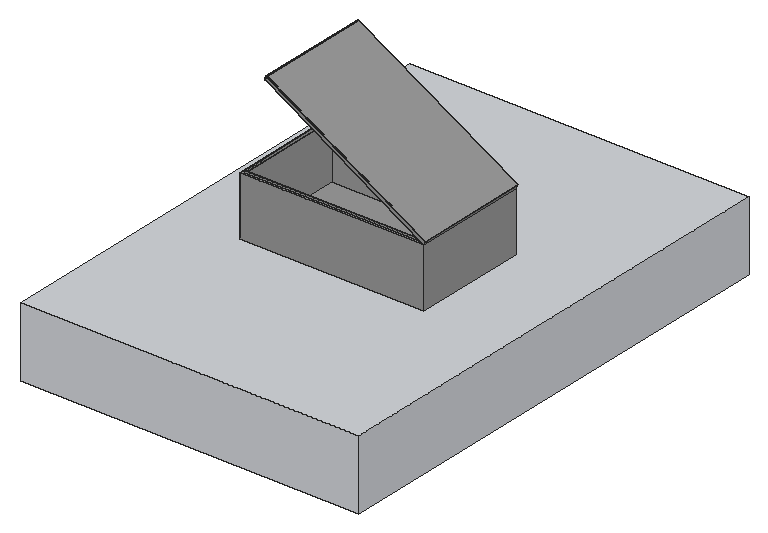
Revit family "Hager-Univers-IP55-D275-H500-Cl.II-Steel_encl-NL-en", category Equipement électrique, Revit 2020
Family settings
  Hôte = Face
  Configuration du panneau = Deux colonnes, circuits au sein
  Cote de connecteur circulaire = Utiliser le diamètre
  Type d'élément = Tableau de raccordement
  Couper avec des vides une fois chargée = Non
  Partagée = Non
  Point de calcul de pièce = Non
Parameters (values of type "Surface mounted (plaster) IP55 W800 H500 D275  - FR33S")
  Width Control [instance] = if([EF000008 - Width] > Min Width, [EF000008 - Width], Min Width)  # 800 mm
  Commentaires du type = [HG000003 - Range]  # "Univers"
  Thickness Door [instance] = if([EF009171 - Material plate thickness door/cover] > 3 mm, 3 mm, [EF009171 - Material plate thickness door/cover])  # 1.5 mm
  Seal Frame Offset [instance] = 17 mm  # constant formula
  Plinth Visibility [instance] = [HG000027 - Plinth height] > 0 mm  # no
  Model = ""
  Min Width [instance] = 100 mm  # constant formula
  Min Height [instance] = 100 mm  # constant formula
  Min Depth [instance] = (2 * [EF009170 - Material plate thickness cabinet]) + 1 mm  # 4 mm
  Internal Frame Depth [instance] = (Door System Depth * 0.5)  # 9 mm
  Height Control [instance] = if([EF000040 - Height] > Min Height, [EF000040 - Height], Min Height)  # 500 mm
  HG000027 - Plinth height = 0 mm
  HG000026 - Floor standing = no
  HG000024 - Bottom section height = 800 mm
  HG000023 - Double section enclosure = no
  HG000016 - Door 3d visibility [instance] = yes
  HG000015 - Clearance visibility [instance] = no
  HG000014 - Door on the right [instance] = yes
  HG000013 - Door on the left [instance] = not([HG000014 - Door on the right])  # no
  HG000012 - Door swing angle [instance] = 30.00°
  HG000010 - Asymmetric doors = no
  HG000009 - Double swing door = no
  HG000006 - Flush mounted = no
  HG000004 - Manufacturer reference = "FR33S"
  HG000003 - Range = "Univers"
  HG000002 - With door or cover = yes
  Frame Offset Bottom [instance] = 10 mm  # constant formula
  Frame Offset [instance] = 15 mm  # constant formula
  EF015940 - Cover with overpressure release = no
  EF011959 - Degree of protection (NEMA) = ""
  EF009554 - Number of openings for flange plates = 6
  EF009212 - Cover model = "EV000116 - Closed"
  EF009171 - Material plate thickness door/cover = 1.5 mm
  EF009170 - Material plate thickness cabinet = 1.5 mm
  Fabricant = "Hager"  # constant formula
  EF008873 - Nominal current (In) = 800 A
  EF007800 - Suitable for lightning protection = no
  EF006306 - With lock = no
  EF006244 - Transparent cover/door = no
  EF005474 - Degree of protection (IP) = "EV006420 - IP55"
  EF004464 - Type of door = "EV002646 - Single"
  EF004427 - Number of modules = 108
  EF004293 - Impact strength = "EV008784 - IK10"
  EF003532 - Suitable for outdoor use = no
  EF002950 - Width in number of modular spacings = 24
  EF001613 - Circuit integrity = "EV000494 - None"
  EF001596 - Material housing = "EV000179 - Steel"
  EF001131 - Internal depth = 275 mm
  EF001088 - Extension possible = yes
  EF000437 - Number of conduit inlets = 6
  EF000339 - Type of cover = "EV004216 - Door"
  EF000266 - Number of rows = 3
  EF000218 - Built-in depth = 0 mm
  EF000118 - With mounting plate = no
  EF000116 - RAL-number = "7035"
  EF000049 - Depth = 275 mm
  EF000040 - Height = 500 mm
  EF000008 - Width = 800 mm
  EF000007 - Colour = "EV000270 - Grey"
  EF000003 - Mounting method = "EV000384 - Surface mounted (plaster)"
  Door System Leaf Tolerance [instance] = 1.5 mm  # constant formula
  Door System Depth [instance] = 18 mm  # constant formula
  Door Height [instance] = Height Control - [HG000027 - Plinth height]  # 500 mm
  Depth Control [instance] = if([EF000049 - Depth] > Min Depth, [EF000049 - Depth], Min Depth)  # 275 mm
  Default Elevation = 0 mm
  Connector Offset [instance] = Height Control / 2  # 250 mm
  Bottom Top Plate Trim [instance] = 1.5 mm  # constant formula
  Plinth height Ctrl [instance] = if([HG000027 - Plinth height] > 0 mm, [HG000027 - Plinth height], 12 mm)  # 12 mm
Types (5, lengths in mm): name | Width Control | HG000010 - Asymmetric doors | HG000009 - Double swing door | HG000004 - Manufacturer reference | EF009554 - Number of openings for flange plates | EF004464 - Type of door | EF004427 - Number of modules | EF000437 - Number of conduit inlets | EF000008 - Width
  Surface mounted (plaster) IP55 W1050 H500 D275  - FR34S | 1050 | no | yes | "FR34S" | 8 | "EV003602 - Double" | 144 | 8 | 1050
  Surface mounted (plaster) IP55 W1300 H500 D275  - FR35S | 1300 | yes | yes | "FR35S" | 10 | "EV003602 - Double" | 180 | 10 | 1300
  Surface mounted (plaster) IP55 W300 H500 D275  - FR31S | 300 | no | no | "FR31S" | 2 | "EV002646 - Single" | 36 | 2 | 300
  Surface mounted (plaster) IP55 W550 H500 D275  - FR32S | 550 | no | no | "FR32S" | 4 | "EV002646 - Single" | 72 | 4 | 550
  Surface mounted (plaster) IP55 W800 H500 D275  - FR33S | 800 | no | no | "FR33S" | 6 | "EV002646 - Single" | 108 | 6 | 800
Reference planes
  plane 1 "Center (Front/Back)": y = 0
  plane 2: z = 0
  plane 3 "Center (Left/Right)": x = 0
  plane 4: z = 275
  plane 5: y = 1.5
  plane 6: y = 250
  plane 7: y = 0
  plane 8: y = 500
  plane 9: z = 0
  plane 10: x = -385
  plane 11: x = 385
  plane 12: x = 383.5
  plane 13: x = -383.5
  plane 14: y = 498.5
  plane 15: x = -383
  plane 16: x = -400
  plane 17: x = 383
  plane 18: x = 400
  plane 19: x = 398.5
  plane 20: x = -398.5
  plane 21: y = 11.5
  plane 22: y = 500
  plane 23: y = 483.5
  plane 24: z = 257
  plane 25: z = 1.5
  plane 26: z = 255.5
  plane 27: z = 273.5
Forms (mm)
  Extrusion 1, solid
    sketch origin (0, 0, 0) x (1, 0, 0) y (0, 1, 0)
      loop
        line (-702.964, 1305) -> (-702.964, -811.445) -> (766.763, -811.445) -> (766.763, 1305) -> (-702.964, 1305)
    from 0 to -304.8
  Extrusion 2, solid, material "Hager_Steel_RAL7035_Light_Grey", visible <- "Plinth Visibility", detail levels medium+fine
    sketch origin (0, 0, 0) x (1, 0, 0) y (0, 1, 0)
      loop
        line (-400, 0) -> (400, 0) -> (400, 12) -> (-400, 12) -> (-400, 0)
    from 0 to 257
  Extrusion 3, solid, material "Hager_Steel_RAL7035_Light_Grey", detail levels medium+fine
    sketch origin (0, 0, 0) x (1, 0, 0) y (0, 1, 0)
      loop
        line (-400, 0) -> (400, 0) -> (400, 500) -> (-400, 500) -> (-400, 0)
    from 0 to 257
  Extrusion 4, void
    sketch origin (0, 0, 0) x (1, 0, 0) y (0, 1, 0)
      loop
        line (-398.5, 1.5) -> (398.5, 1.5) -> (398.5, 498.5) -> (-398.5, 498.5) -> (-398.5, 1.5)
    from 1.5 to 255.5
  Extrusion 5, void
    sketch origin (-381.607, -4572, 257) x (0, -1, 0) y (-1, 0, 0)
      loop
        line (-4583.5, 1.893) -> (-5055.5, 1.893) -> (-5055.5, -765.107) -> (-4583.5, -765.107) -> (-4583.5, 1.893)
    from 0 to 1.5 <- "EF009170 - Material plate thickness cabinet"
  Extrusion 6, solid, material "Hager_Steel_RAL7035_Light_Grey", detail levels fine
    sketch origin (0, 0, 257) x (1, 0, 0) y (0, 1, 0)
      loop
        line (-383.5, 483.5) -> (-383.5, 11.5) -> (383.5, 11.5) -> (383.5, 483.5) -> (-383.5, 483.5)
      loop
        line (-385, 10) -> (385, 10) -> (385, 485) -> (-385, 485) -> (-385, 10)
    from 0 to 9 <- "Internal Frame Depth"
  Extrusion 7, solid, material "Hager_Steel_RAL7035_Light_Grey", detail levels coarse
    sketch origin (0, 0, 0) x (1, 0, 0) y (0, 1, 0)
      loop
        line (-400, 0) -> (400, 0) -> (400, 500) -> (-400, 500) -> (-400, 0)
    from 0 to 275
  Sweep 8, void
    path in 3D
      loop
        line (-400, 12, 0) -> (400, 12, 0) -> (400, 12, 257) -> (-400, 12, 257) -> (-400, 12, 0)
    profile origin (-400, 12, 128.5) x (-1, 0, 0) y (0, -1, 0)
      loop
        line (0, 0) -> (0, 1.5) -> (-1.5, 1.5)
        arc (-1.5, 1.5) -> (-1.061, 0.439) -> (0, 0) r 1.5
Cuts and joins
  Extrusion 4, Extrusion 5 cuts Extrusion 3
  Sweep 8 cuts Extrusion 2
Lines and regions (mm)
  Masking region 1
    outline origin (0, 0, 0) x (1, 0, 0) y (0, 0, 1)
      loop
        line (-400, 275) -> (-400, 0) -> (400, 0) -> (400, 275) -> (-400, 275)
  Masking region 2, detail levels medium+fine
    outline origin (0, 140, 0) x (0, 1, 0) y (0, 0, 1)
      loop
        line (-140, 0) -> (360, 0) -> (360, 257) -> (-140, 257) -> (-140, 0)
  Masking region 3, not visible, detail levels medium+fine
    outline origin (0, 297.922, 0) x (0, 1, 0) y (0, 0, 1)
      loop
        line (-36.422, 0) -> (3.578, 0) -> (3.578, 263.5)
        arc (3.578, 263.5) -> (0.649, 270.571) -> (-6.422, 273.5) r 10
        line (-6.422, 273.5) -> (-36.422, 273.5) -> (-36.422, 0)
  Masking region 4, detail levels coarse
    outline origin (0, 0, 180) x (0, 1, 0) y (0, 0, 1)
      loop
        line (0, -180) -> (500, -180) -> (500, 95) -> (0, 95) -> (0, -180)
  Masking region 5, visible <- "Plinth Visibility", detail levels medium+fine
    outline origin (0, 52.24, 12.345) x (0, 0, -1) y (0, 1, 0)
      loop
        line (10.845, -40.24) -> (-243.155, -40.24)
        arc (-243.155, -40.24) -> (-243.594, -41.301) -> (-244.655, -41.74) r 1.5
        line (-244.655, -41.74) -> (-244.655, -52.24) -> (12.345, -52.24) -> (12.345, -41.74)
        arc (12.345, -41.74) -> (11.285, -41.301) -> (10.845, -40.24) r 1.5
  Masking region 6, detail levels medium+fine
    outline origin (-381.607, -4572, 257) x (-1, 0, 0) y (0, -1, 0)
      loop
        line (18.393, -5072) -> (18.393, -4572) -> (-781.607, -4572) -> (-781.607, -5072) -> (18.393, -5072)
  Masking region 7, visible <- "Plinth Visibility", detail levels medium+fine
    outline origin (-381.607, -4727, 257) x (-1, 0, 0) y (0, -1, 0)
      loop
        arc (16.893, -4739) -> (17.332, -4737.939) -> (18.393, -4737.5) r 1.5
        line (18.393, -4737.5) -> (18.393, -4727) -> (-781.607, -4727) -> (-781.607, -4737.5)
        arc (-781.607, -4737.5) -> (-780.546, -4737.939) -> (-780.107, -4739) r 1.5
        line (-780.107, -4739) -> (16.893, -4739)
  Masking region 8, detail levels coarse
    outline origin (-442.548, -4669.526, 257) x (-1, 0, 0) y (0, -1, 0)
      loop
        line (-42.548, -5169.526) -> (-42.548, -4669.526) -> (-842.548, -4669.526) -> (-842.548, -5169.526) -> (-42.548, -5169.526)
  sketch lines
    curve 1: line (-400, 12, 257) -> (-400, 12, 0)
    curve 2: line (400, 12, 257) -> (-400, 12, 257)
    curve 3: line (400, 12, 257) -> (400, 12, 0)
    curve 4: line (-400, 12, 0) -> (400, 12, 0)
Dimensions and locks
  "Depth Control": plane 4 to Extrusion 1
  "HG000027 - Plinth height": plane 1 "Center (Front/Back)" to plane 7
  "EF009170 - Material plate thickness cabinet": plane 5 to plane 7
  locked: connector elem to plane 3 "Center (Left/Right)"
  equal spacing: plane 8, plane 6, plane 7
  locked: connector elem to plane 6
  "EF009170 - Material plate thickness cabinet": plane 8 to plane 14
  "EF009170 - Material plate thickness cabinet": plane 10 to plane 13
  "EF009170 - Material plate thickness cabinet": plane 12 to plane 11
  "Frame Offset": plane 20 to plane 13
  "Frame Offset": plane 12 to plane 19
  "EF009170 - Material plate thickness cabinet": plane 16 to plane 20
  "EF009170 - Material plate thickness cabinet": plane 19 to plane 18
  "Seal Frame Offset": plane 16 to plane 15
  "Seal Frame Offset": plane 17 to plane 18
  "Frame Offset Bottom": plane 21 to plane 5
  "Frame Offset": plane 14 to plane 23
  equal spacing: plane 16, plane 3 "Center (Left/Right)", plane 18
  "Width Control": plane 16 to plane 18
  "EF009170 - Material plate thickness cabinet": plane 4 to plane 27
  "EF009170 - Material plate thickness cabinet": plane 24 to plane 26
  "EF009170 - Material plate thickness cabinet": plane 25 to level
  "Door System Depth": plane 4 to plane 24
  "Height Control": plane 1 "Center (Front/Back)" to Extrusion 7 sketch curve
  "Height Control": Masking region 4 sketch curve to plane 1 "Center (Front/Back)"
  "Height Control": plane 1 "Center (Front/Back)" to plane 22
  "Bottom Top Plate Trim": profile plane to Sweep 8 sketch curve
  "Bottom Top Plate Trim": Sweep 8 sketch curve to profile plane
  "Plinth height Ctrl": plane 1 "Center (Front/Back)" to Extrusion 2 sketch curve
  "Plinth height Ctrl": Masking region 5 sketch curve to plane 1 "Center (Front/Back)"
  "Plinth height Ctrl": plane 1 "Center (Front/Back)" to Masking region 7 sketch curve
  "Thickness Door": Extrusion 6 sketch curve to Extrusion 6 sketch curve  (x3)
  "Thickness Door": cut or joined group of Extrusion 3, Extrusion 4, Extrusion 5 to Extrusion 6 sketch curve
  radius of Masking region 3 sketch curve = 10 mm
  "Bottom Top Plate Trim": radius of Masking region 5 sketch curve  (x2)
  "Bottom Top Plate Trim": radius of Sweep 8 sketch curve
  "Bottom Top Plate Trim": radius of Masking region 7 sketch curve  (x2)
  aligned and locked: plane 2 to Extrusion 1
  aligned and locked: level to Extrusion 1
  aligned and locked: level to Masking region 1 sketch curve
  aligned and locked: Masking region 1 sketch curve to plane 18
  aligned and locked: Masking region 1 sketch curve to plane 16
  aligned and locked: plane 7 to Masking region 2 sketch curve
  aligned and locked: level to Masking region 3 sketch curve
  aligned and locked: Masking region 3 sketch curve to plane 27
  aligned and locked: level to Masking region 2 sketch curve
  aligned and locked: plane 1 "Center (Front/Back)" to Extrusion 2 sketch curve
  aligned and locked: Extrusion 3 sketch curve to plane 7
  aligned and locked: plane 16 to Extrusion 3 sketch curve
  aligned and locked: plane 18 to Extrusion 3 sketch curve
  aligned and locked: plane 20 to Extrusion 4 sketch curve
  aligned and locked: plane 19 to Extrusion 4 sketch curve
  aligned and locked: Extrusion 4 sketch curve to plane 5
  aligned and locked: Extrusion 4 to plane 25
  aligned and locked: plane 26 to Extrusion 4
  aligned and locked: plane 24 to Extrusion 3
  aligned and locked: Extrusion 5 sketch curve to plane 21
  aligned and locked: Extrusion 5 sketch curve to plane 13
  aligned and locked: Extrusion 5 sketch curve to plane 12
  aligned and locked: plane 18 to Extrusion 7 sketch curve
  aligned and locked: plane 1 "Center (Front/Back)" to Extrusion 7 sketch curve
  aligned and locked: plane 16 to Extrusion 7 sketch curve
  aligned and locked: plane 4 to Extrusion 7
  aligned and locked: Extrusion 7 to level
  aligned and locked: level to Masking region 4 sketch curve
  aligned and locked: Masking region 4 sketch curve to plane 1 "Center (Front/Back)"
  aligned and locked: Masking region 4 sketch curve to plane 4
  aligned and locked: nested 1 to level
  aligned and locked: nested 1 to plane 16
  aligned and locked: plane 8 to Extrusion 3 sketch curve
  aligned and locked: plane 23 to Extrusion 5 sketch curve
  aligned and locked: plane 14 to Extrusion 4 sketch curve
  aligned and locked: Masking region 2 sketch curve to plane 8
  aligned and locked: level to Masking region 5 sketch curve
  aligned and locked: plane 16 to Extrusion 2 sketch curve
  aligned and locked: plane 18 to Extrusion 2 sketch curve
  aligned and locked: Masking region 5 sketch curve to plane 24
  aligned and locked: Masking region 2 sketch curve to plane 24
  aligned and locked: plane 24 to Extrusion 2
  aligned and locked: profile plane to Sweep 8 sketch curve  (x2)
  aligned and locked: Masking region 6 sketch curve to plane 18
  aligned and locked: Masking region 6 sketch curve to plane 22
  aligned and locked: Masking region 6 sketch curve to plane 16
  aligned and locked: plane 8 to plane 22
  aligned and locked: Masking region 6 sketch curve to plane 7
  aligned and locked: Masking region 7 sketch curve to plane 16
  aligned and locked: Masking region 7 sketch curve to plane 1 "Center (Front/Back)"
  aligned and locked: Masking region 7 sketch curve to plane 18
  aligned and locked: Masking region 8 sketch curve to plane 1 "Center (Front/Back)"
  aligned and locked: Masking region 8 sketch curve to plane 18
  aligned and locked: Masking region 8 sketch curve to plane 22
  aligned and locked: Masking region 8 sketch curve to plane 16
  aligned and locked: nested 2 to plane 7
  aligned and locked: plane 3 "Center (Left/Right)" to nested 2
  aligned and locked: nested 2 to plane 24
  aligned and locked: Extrusion 6 sketch curve to cut or joined group of Extrusion 3, Extrusion 4, Extrusion 5  (x4)
Automatic sketch dimensions
  Extrusion 1 sketch curve to Extrusion 1 sketch curve = 1469.727 mm
  Extrusion 1 sketch curve to Extrusion 1 sketch curve = 2116.445 mm
  Masking region 1 sketch curve to plane 4 = 0 mm
  plane 6 to Masking region 3 sketch curve = 11.5 mm
  Masking region 3 sketch curve to Masking region 3 sketch curve = 30 mm
  Masking region 5 sketch curve to plane 1 "Center (Front/Back)" = 0 mm
Nested families
  nested 1: "Hager_Enclosure_Symbol" at (-400, 0, 0) x (1, 0, 0) z (0, -1, 0), Height <- "Depth Control", Width <- "Width Control", type "Hager_Enclosure_Symbol"
    with Width_Ctrl 800 mm, Width 800 mm, Height_Ctrl 275 mm, Height 275 mm, A_Width_Int 18.047 mm, A_Width 216.562 mm, A_Height_Ctrl 240.625 mm, A_Height 240.625 mm
  nested 2: "EC000058_Univers_Door" at (0, 0, 257) x (1, 0, 0) z (0, 1, 0), Leaf_Tolerance <- "Door System Leaf Tolerance", Angle <- "HG000012 - Door swing angle", Door_Depth <- "Door System Depth", Door_Left <- "HG000013 - Door on the left", Transparent <- "EF006244 - Transparent cover/door", Assymetrical <- "HG000010 - Asymmetric doors", Width <- "Width Control", Clearance <- "HG000015 - Clearance visibility", Double <- "HG000009 - Double swing door", 3d_Door <- "HG000016 - Door 3d visibility", Lock_Visibility <- "EF006306 - With lock", Width_Ctrl <- "Width Control", Door_Right <- "HG000014 - Door on the right", Door <- "HG000002 - With door or cover", Height <- "Door Height", Thickness <- "Thickness Door", type "EC000058_Univers_Door", detail levels medium+fine
    with min_wh 4 mm, Width_Ctrl 800 mm, Width 800 mm, Transparent no, Thickness 1.5 mm, Seal_Material Hager_Rubber, Lock_Visibility no, Lock_Material Hager_Plastic_RAL9005_Jet_Black, Leaf_Width 800 mm, Leaf_Tolerance_External_Sides 0 mm, Leaf_Tolerance 1.5 mm, Leaf_Offset 0 mm, Leaf_Height 497 mm, Leaf_2_Width 800 mm, Leaf_2_Offset 400 mm, Leaf_1_Width 800 mm, Leaf_1_Offset 400 mm, Height_Ctrl 500 mm, Height 500 mm, Glass_Material Hager_Glass, Double_Clearance_Ctrl no, Double no, Door_Right_Ctrl yes, Door_Right yes, Door_Material Hager_Steel_RAL7035_Light_Grey, Door_Left_Ctrl no, Door_Left no, Door_Depth 18 mm, Door yes, Clearance_Material Hager_Clearance, Clearance_Depth 800 mm, Clearance_Ctrl no, Clearance no, Assymetrical no, Angle 30.00°, 3d_Door yes
Connectors
  electrical at (0, 250, 0)
    settings: on plane 9, index 1, voltage 0 V, apparent load 0 VA, apparent load phase1 0 VA, apparent load phase2 0 VA, apparent load phase3 0 VA, power factor 1, load classification "Other", number of poles 1, system type 30, power factor state 1, is connector primary yes, connector utility no, sub classification motor no, connector description ""
Definition of nested family "EC000058_Univers_Door"
  Parameters (values of type "EC000058_Univers_Door")
    min_wh [instance] = (2 * Thickness) + 1 mm  # 11 mm
    Width_Ctrl [instance] = 400 mm
    Width [instance] = 500 mm
    Transparent [instance] = yes
    Thickness [instance] = 5 mm
    Seal_Material [instance] = none
    Lock_Visibility [instance] = yes
    Lock_Material [instance] = none
    Leaf_Width [instance] = if((Width_Ctrl - 2 * Leaf_Tolerance_External_Sides) > 0 mm, (Width_Ctrl - 2 * Leaf_Tolerance_External_Sides), min_wh)  # 400 mm
    Leaf_Tolerance_External_Sides [instance] = 0 mm  # constant formula
    Leaf_Tolerance [instance] = 1.5 mm
    Leaf_Offset [instance] = 0 mm  # constant formula
    Leaf_Height [instance] = if((Height_Ctrl - 2 * Leaf_Tolerance) > 0 mm, (Height_Ctrl - 2 * Leaf_Tolerance), min_wh)  # 497 mm
    Leaf_2_Width [instance] = if(and(and(Double, Assymetrical), Door_Left), (Leaf_Width / 3) - (Leaf_Tolerance / 2), if(and(and(Double, Assymetrical), Door_Right), (Leaf_Width / 3) * 2 - (Leaf_Tolerance / 2), if(and(Double, not(Assymetrical)), (Leaf_Width / 2) - Leaf_Tolerance, Leaf_Width)))  # 400 mm
    Leaf_2_Offset [instance] = if(and(Double, Assymetrical), Leaf_2_Width / 2, if(and(Double, not(Assymetrical)), Leaf_Width / 4, Leaf_Width / 2))  # 200 mm
    Leaf_1_Width [instance] = if(and(and(Double, Assymetrical), Door_Right), (Leaf_Width / 3) - (Leaf_Tolerance / 2), if(and(and(Double, Assymetrical), Door_Left), (Width / 3) * 2 - (Leaf_Tolerance / 2), if(and(Double, not(Assymetrical)), (Leaf_Width / 2) - Leaf_Tolerance, Leaf_Width)))  # 400 mm
    Leaf_1_Offset [instance] = if(and(Double, Assymetrical), Leaf_1_Width / 2, if(and(Double, not(Assymetrical)), Leaf_Width / 4, Leaf_Width / 2))  # 200 mm
    Height_Ctrl [instance] = if(Height > min_wh, Height, min_wh)  # 500 mm
    Height [instance] = 500 mm
    Glass_Material [instance] = none
    Double_Clearance_Ctrl [instance] = and(Double, Clearance)  # no
    Double [instance] = no
    Door_Right_Ctrl [instance] = and(or(Door_Right, Double), Door)  # yes
    Door_Right [instance] = yes
    Door_Material [instance] = none
    Door_Left_Ctrl [instance] = and(or(Door_Left, Double), Door)  # no
    Door_Left [instance] = no
    Door_Depth [instance] = 30 mm
    Door [instance] = yes
    Default Elevation = 1219.2 mm
    Clearance_Material [instance] = none
    Clearance_Depth [instance] = if(Leaf_1_Width > Leaf_2_Width, Leaf_1_Width, Leaf_2_Width)  # 400 mm
    Clearance_Ctrl [instance] = and(not(Double), Clearance)  # yes
    Clearance [instance] = yes
    Assymetrical [instance] = yes
    Angle [instance] = 30.00°
    3d_Door [instance] = yes
  Reference planes
    plane 1 "Center (Front/Back)": y = 0
    plane 2 "Bottom": z = 0
    plane 3 "Center (Left/Right)": x = 0
    plane 4: z = 500
    plane 5: x = -200
    plane 6: x = 200
    plane 7: z = 500
    plane 8: x = -200
    plane 9: z = 0
    plane 10: x = 200
    plane 11: y = 0
    plane 12: z = 1.5
    plane 13: x = -600
    plane 14: y = -400
    plane 15: x = 600
    plane 16: x = 0
    plane 17: x = 0
    plane 18: x = -200
    plane 19: x = 200
    plane 20: z = 498.5
  Forms (mm)
    Extrusion 1, solid, material <- "Clearance_Material", visible <- "Double_Clearance_Ctrl"
      sketch origin (1200, 0, 0) x (1, 0, 0) y (0, 0, -1)
        loop
          line (-1800, -498.5) -> (-600, -498.5) -> (-600, 0) -> (-1800, 0) -> (-1800, -498.5)
      from 0 to -400
  Dimensions and locks
    equal spacing: plane 5, plane 3 "Center (Left/Right)", plane 6
    "Width_Ctrl": plane 5 to plane 6
    "Leaf_Offset": plane 5 to plane 8
    "Leaf_Offset": plane 6 to plane 10
    "Leaf_Offset": plane 9 to level
    "Leaf_Offset": plane 4 to plane 7
    "Height_Ctrl": plane 4 to level
    "Leaf_Tolerance": plane 12 to plane 9
    locked: plane 11 to plane 1 "Center (Front/Back)"
    "Leaf_1_Offset": plane 18 to plane 16
    "Leaf_2_Offset": plane 17 to plane 19
    "Leaf_1_Width": plane 13 to plane 8
    "Leaf_2_Width": plane 10 to plane 15
    "Clearance_Depth": plane 14 to plane 1 "Center (Front/Back)"
    "Leaf_Tolerance_External_Sides": plane 8 to plane 18
    "Leaf_Tolerance_External_Sides": plane 19 to plane 10
    "Leaf_Tolerance": plane 7 to plane 20
    aligned and locked: level to plane 2 "Bottom"
    aligned and locked: nested 1 to plane 16
    aligned and locked: nested 2 to plane 17
    aligned and locked: Extrusion 1 to plane 13
    aligned and locked: plane 15 to Extrusion 1
    aligned and locked: Extrusion 1 to plane 14
    aligned and locked: plane 12 to nested 1
    aligned and locked: nested 2 to plane 12
    aligned and locked: Extrusion 1 to plane 11
    aligned and locked: plane 20 to Extrusion 1
    aligned and locked: nested 2 to plane 11
    aligned and locked: nested 1 to plane 11
  Automatic sketch dimensions
    Extrusion 1 sketch curve to level = 0 mm
    plane 5 to Extrusion 1 sketch curve = 400 mm
    plane 6 to Extrusion 1 sketch curve = 400 mm
    Extrusion 1 sketch curve to plane 4 = 1.5 mm
  Nested families
    nested 1: "EC000058_Univers_Door_Leaf" at (0, 0, 1.5), Width <- "Leaf_1_Width", visible <- "Door_Left_Ctrl", Leaf_Height <- "Leaf_Height", Angle <- "Angle", 3d_Door <- "3d_Door", Transparent <- "Transparent", Clearance Material <- "Clearance_Material", Clearance <- "Clearance_Ctrl", Door_Material <- "Door_Material", Glass_Material <- "Glass_Material", Door_Depth <- "Door_Depth", Lock_Material <- "Lock_Material", Seal_Material <- "Seal_Material", Lock_Visibility <- "Lock_Visibility", Thickness <- "Thickness", type "EC000058_Univers_Door_Leaf"
      with Width 400 mm, Transparent_Glass_Offset 30 mm, Transparent_Ctrl yes, Transparent yes, Thickness 5 mm, Standard no, Seal_Material none, Seal_D2 8 mm, Seal_D1 1 mm, Offset_Internal_Frame 10 mm, Lock_Width 20 mm, Lock_Visibility_3d yes, Lock_Visibility yes, Lock_Thickness_3 3 mm, Lock_Thickness_2 1 mm, Lock_Thickness_1 3 mm, Lock_Radius_Offset_2 16 mm, Lock_Radius_Offset_1 15 mm, Lock_Radius_2 5 mm, Lock_Radius 6 mm, Lock_Offset 5 mm, Lock_Material none, Lock_Height 80 mm, Lock_Cover_Top_Offset_2d 17 mm, Lock_Cover_Height -65 mm, Leaf_Height 497 mm, Internal_Seal_Thickness 8 mm, Internal_Seal_Depth_2 4.5 mm, Internal_Frame_Depth 25 mm, Glass_Thickness -1 mm, Glass_Offset -2 mm, Glass_Material none, Door_Material none, Door_Depth 30 mm, Clearance Material none, Clearance yes, Angle_Ctrl 30.00°, Angle 30.00°, 3d_Door yes
    nested 2: "EC000058_Univers_Door_Leaf" at (0, 0, 1.5) x (-1, 0, 0) z (0, 0, 1), Width <- "Leaf_2_Width", visible <- "Door_Right_Ctrl", Leaf_Height <- "Leaf_Height", Angle <- "Angle", 3d_Door <- "3d_Door", Transparent <- "Transparent", Clearance Material <- "Clearance_Material", Clearance <- "Clearance_Ctrl", Door_Material <- "Door_Material", Glass_Material <- "Glass_Material", Door_Depth <- "Door_Depth", Lock_Material <- "Lock_Material", Seal_Material <- "Seal_Material", Lock_Visibility <- "Lock_Visibility", Thickness <- "Thickness", type "EC000058_Univers_Door_Leaf"
      with Width 400 mm, Transparent_Glass_Offset 30 mm, Transparent_Ctrl yes, Transparent yes, Thickness 5 mm, Standard no, Seal_Material none, Seal_D2 8 mm, Seal_D1 1 mm, Offset_Internal_Frame 10 mm, Lock_Width 20 mm, Lock_Visibility_3d yes, Lock_Visibility yes, Lock_Thickness_3 3 mm, Lock_Thickness_2 1 mm, Lock_Thickness_1 3 mm, Lock_Radius_Offset_2 16 mm, Lock_Radius_Offset_1 15 mm, Lock_Radius_2 5 mm, Lock_Radius 6 mm, Lock_Offset 5 mm, Lock_Material none, Lock_Height 80 mm, Lock_Cover_Top_Offset_2d 17 mm, Lock_Cover_Height -65 mm, Leaf_Height 497 mm, Internal_Seal_Thickness 8 mm, Internal_Seal_Depth_2 4.5 mm, Internal_Frame_Depth 25 mm, Glass_Thickness -1 mm, Glass_Offset -2 mm, Glass_Material none, Door_Material none, Door_Depth 30 mm, Clearance Material none, Clearance yes, Angle_Ctrl 30.00°, Angle 30.00°, 3d_Door yes
  Definition of nested family "EC000058_Univers_Door_Leaf"
    Parameters (values of type "EC000058_Univers_Door_Leaf")
      Width [instance] = 2000 mm
      Transparent_Glass_Offset [instance] = 30 mm
      Transparent_Ctrl [instance] = and(Transparent, [3d_Door])  # yes
      Transparent [instance] = yes
      Thickness [instance] = 5 mm
      Standard [instance] = and(not(Transparent), [3d_Door])  # no
      Seal_Material [instance] = none
      Seal_D2 [instance] = 8 mm  # constant formula
      Seal_D1 [instance] = 1 mm  # constant formula
      Offset_Internal_Frame [instance] = 10 mm  # constant formula
      Lock_Width [instance] = 20 mm  # constant formula
      Lock_Visibility_3d [instance] = and(Lock_Visibility, [3d_Door])  # yes
      Lock_Visibility [instance] = yes
      Lock_Thickness_3 [instance] = 3 mm  # constant formula
      Lock_Thickness_2 [instance] = 1 mm  # constant formula
      Lock_Thickness_1 [instance] = 3 mm  # constant formula
      Lock_Radius_Offset_2 [instance] = Lock_Radius_Offset_1 + 1 mm  # 16 mm
      Lock_Radius_Offset_1 [instance] = 15 mm  # constant formula
      Lock_Radius_2 [instance] = Lock_Radius - 1 mm  # 5 mm
      Lock_Radius [instance] = 6 mm  # constant formula
      Lock_Offset [instance] = 5 mm  # constant formula
      Lock_Material [instance] = none
      Lock_Height [instance] = 80 mm  # constant formula
      Lock_Cover_Top_Offset_2d [instance] = Lock_Radius_Offset_2 + 1 mm  # 17 mm
      Lock_Cover_Height [instance] = -(Lock_Height - Lock_Radius_Offset_1)  # -65 mm
      Leaf_Height [instance] = 2720.336 mm
      Internal_Seal_Thickness [instance] = 8 mm  # constant formula
      Internal_Seal_Depth_2 [instance] = 4.5 mm  # constant formula
      Internal_Frame_Depth [instance] = if(Door_Depth - Thickness > 5 mm, Door_Depth - Thickness, 5 mm)  # 25 mm
      Glass_Thickness [instance] = if(Thickness > 15 mm, Glass_Offset + 10 mm, -1 mm)  # -1 mm
      Glass_Offset [instance] = if(Thickness > 15 mm, -(Thickness + 10 mm) / 2, -2 mm)  # -2 mm
      Glass_Material [instance] = none
      Door_Material [instance] = none
      Door_Depth [instance] = 30 mm
      Default Elevation = 0 mm
      Clearance Material [instance] = none
      Clearance [instance] = yes
      Angle_Ctrl [instance] = if(Angle > 180.00°, 180.00°, Angle)  # 90.00°
      Angle [instance] = 90.00°
      3d_Door [instance] = yes
    Reference planes
      plane 1 "Center (Front/Back)": y = 0
      plane 2: z = 0
      plane 3 "Center (Left/Right)": x = 0
      plane 4: y = 2000
      plane 5: x = -1000
      plane 6: x = 1000
      plane 7: x = -3000
      plane 8: z = 2720.336
      plane 9: z = 30
      plane 10: z = 2690.336
      plane 11: x = 970
      plane 12: x = -970
      plane 13: y = -3
      plane 14: z = 107.833
      plane 15: y = -5
      plane 16: y = -223.314
      plane 17: x = -1000
      plane 18: z = 1360.168
      plane 19: y = 30
    Forms (mm)
      Extrusion 1, solid, material <- "Clearance Material", visible <- "Clearance"
        sketch origin (0, 0, 0) x (1, 0, 0) y (0, 0, 1)
          loop
            line (-3000, 2720.336) -> (-3000, 0) -> (1000, 0) -> (1000, 2720.336) -> (-3000, 2720.336)
        from 0 to -2000
      Extrusion 2, solid, material <- "Door_Material", visible <- "Standard", detail levels medium+fine
        sketch origin (-1000, 0, 0) x (0, 1, 0) y (-1, 0, 0)
          loop
            line (0, 30) -> (0, 25) -> (2000, 25) -> (2000, 30) -> (0, 30)
        from 0 to 2720.336 <- "Leaf_Height"
      Extrusion 3, solid, material <- "Door_Material", visible <- "Transparent_Ctrl", detail levels medium+fine
        sketch origin (-1000, 0, 0) x (0, 1, 0) y (-1, 0, 0)
          loop
            line (0, 25) -> (2000, 25) -> (2000, 30) -> (0, 30) -> (0, 25)
        from 0 to 2720.336 <- "Leaf_Height"
      Extrusion 4, void
        sketch origin (-1025, 2000, 0) x (0, 1, 0) y (0, 0, -1)
          loop
            line (-30, -2690.336) -> (-30, -30) -> (-1970, -30) -> (-1970, -2690.336) -> (-30, -2690.336)
        from 0 to 5 <- "Thickness"
      Sweep 5, solid, material <- "Seal_Material", visible <- "Transparent_Ctrl", detail levels fine
        path in 3D
          loop
            line (-1025, 30, 30) -> (-1025, 30, 2690.336) -> (-1025, 1970, 2690.336) -> (-1025, 1970, 30) -> (-1025, 30, 30)
        profile origin (-1025, 1000, 30) x (1, 0, 0) y (0, 0, 1)
          loop
            line (0, 0) -> (0, -8) -> (1, -8) -> (1, 0) -> (0, 0)
      Extrusion 6, solid, material <- "Glass_Material", visible <- "Transparent_Ctrl", detail levels medium+fine
        sketch origin (-1030, 0, 0) x (0, 1, 0) y (0, 0, -1)
          loop
            line (1970, -2690.336) -> (1970, -30) -> (30, -30) -> (30, -2690.336) -> (1970, -2690.336)
        from -2 <- "Glass_Offset" to -1 <- "Glass_Thickness"
      Extrusion 7, solid, material <- "Door_Material", visible <- "3d_Door", detail levels medium+fine
        sketch origin (-1025, 2000, 0) x (0, -1, 0) y (0, 0, -1)
          loop
            line (0, -2720.336) -> (2000, -2720.336) -> (2000, 0) -> (0, 0) -> (0, -2720.336)
          loop
            line (1995, -5) -> (5, -5) -> (5, -2715.336) -> (1995, -2715.336) -> (1995, -5)
        from 0 to 25 <- "Internal_Frame_Depth"
      Sweep 8, solid, material <- "Seal_Material", visible <- "Transparent_Ctrl", detail levels fine
        path in 3D
          loop
            line (-1025, 0, 0) -> (-1025, 2000, 0) -> (-1025, 2000, 2720.336) -> (-1025, 0, 2720.336) -> (-1025, 0, 0)
        profile origin (-1025, 0, 1360.168) x (1, 0, 0) y (0, 1, 0)
          loop
            line (0, 10) -> (2.975, 10)
            arc (2.975, 10) -> (4.053, 10.447) -> (4.5, 11.525) r 1.525
            line (4.5, 11.525) -> (4.5, 16.527)
            arc (4.5, 16.527) -> (4.069, 17.569) -> (3.027, 18) r 1.473
            line (3.027, 18) -> (0, 18) -> (0, 10)
      Extrusion 9, solid, material <- "Lock_Material", visible <- "Lock_Visibility_3d", detail levels fine
        sketch origin (-1030, 0, 0) x (0, 1, 0) y (0, 0, -1)
          loop
            arc (1993.5, -1400.168) -> (1994.561, -1399.729) -> (1995, -1398.668) r 1.5
            line (1995, -1398.668) -> (1995, -1320.168) -> (1975, -1320.168) -> (1975, -1398.668)
            arc (1975, -1398.668) -> (1975.439, -1399.729) -> (1976.5, -1400.168) r 1.5
            line (1976.5, -1400.168) -> (1993.5, -1400.168)
        from 3 <- "Lock_Thickness_1" to 0
      Blend 10, solid, material <- "Lock_Material", visible <- "Lock_Visibility_3d", detail levels fine
        base sketch origin (-1033, 0, 0) x (0, 1, 0) y (0, 0, -1)
          loop
            line (1975, -1320.168) -> (1975, -1398.668)
            arc (1975, -1398.668) -> (1975.439, -1399.729) -> (1976.5, -1400.168) r 1.5
            line (1976.5, -1400.168) -> (1993.5, -1400.168)
            arc (1993.5, -1400.168) -> (1994.561, -1399.729) -> (1995, -1398.668) r 1.5
            line (1995, -1398.668) -> (1995, -1320.168) -> (1975, -1320.168)
        top sketch origin (-1033, 0, 0) x (0, 1, 0) y (0, 0, -1)
          loop
            line (1976, -1320.168) -> (1976, -1398.668)
            arc (1976, -1398.668) -> (1976.146, -1399.022) -> (1976.5, -1399.168) r 0.5
            line (1976.5, -1399.168) -> (1993.5, -1399.168)
            arc (1993.5, -1399.168) -> (1993.854, -1399.022) -> (1994, -1398.668) r 0.5
            line (1994, -1398.668) -> (1994, -1320.168) -> (1976, -1320.168)
        from 0 to 1 <- "Lock_Thickness_2"
      Blend 11, solid, material <- "Lock_Material", visible <- "Lock_Visibility_3d", detail levels fine
        base sketch origin (-1034, 0, 0) x (0, 1, 0) y (0, 0, -1)
          loop
            line (1978, -1320.168) -> (1978, -1384.168)
            arc (1978, -1384.168) -> (1985, -1391.168) -> (1992, -1384.168) r 7
            line (1992, -1384.168) -> (1992, -1320.168) -> (1978, -1320.168)
        top sketch origin (-1034, 0, 0) x (0, 1, 0) y (0, 0, -1)
          loop
            line (1991, -1320.168) -> (1979, -1320.168) -> (1979, -1383.168)
            arc (1979, -1383.168) -> (1985, -1389.168) -> (1991, -1383.168) r 6
            line (1991, -1383.168) -> (1991, -1320.168)
        from 0 to 3 <- "Lock_Thickness_3"
      Extrusion 12, solid, material <- "Lock_Material", visible <- "Lock_Visibility_3d", detail levels fine
        sketch origin (-1030, 1975, 1320.168) x (1, 0, 0) y (0, -1, 0)
          loop
            line (-7, -19) -> (-7, -1) -> (0, -1) -> (0, 0) -> (-8, 0) -> (-8, -20) -> (0, -20) -> (0, -19) -> (-7, -19)
        from 0 to -65 <- "Lock_Cover_Height"
      Extrusion 13, void
        sketch origin (-1038, 1995, 1320.168) x (-1, 0, 0) y (0, 0, -1)
          loop
            line (-5, -65) -> (0, -65) -> (-5, -60) -> (-5, -65)
        from 0 to 20 <- "Lock_Width"
      Extrusion 14, void
        sketch origin (-1038, 1975, 1320.168) x (0, -1, 0) y (0, 0, -1)
          loop
            circle (-10, -15.995) r 6
          loop
            circle (-10, -15.995) r 5
        from 0 to 2
      Extrusion 15, solid, material <- "Lock_Material", visible <- "Lock_Visibility_3d", detail levels medium
        sketch origin (-1030, 0, 0) x (0, 1, 0) y (0, 0, -1)
          loop
            arc (1993.5, -1400.168) -> (1994.561, -1399.729) -> (1995, -1398.668) r 1.5
            line (1995, -1398.668) -> (1995, -1320.168) -> (1975, -1320.168) -> (1975, -1398.668)
            arc (1975, -1398.668) -> (1975.439, -1399.729) -> (1976.5, -1400.168) r 1.5
            line (1976.5, -1400.168) -> (1993.5, -1400.168)
        from 8 to 0
    Cuts and joins
      Extrusion 4 cuts Extrusion 3
      Extrusion 13, Extrusion 14 cuts Extrusion 9
      Extrusion 14 cuts Blend 11
      Extrusion 13, Extrusion 14 cuts Extrusion 12
      joined: Extrusion 9, Blend 10, Blend 11, Extrusion 12
      Extrusion 14 cuts Extrusion 15
    Lines and regions (mm)
      Masking region 1, visible <- "Lock_Visibility", detail levels fine
        outline origin (0, 0, 0) x (0, 1, 0) y (0, 0, 1)
          loop
            line (30, 1320.168) -> (33, 1320.168) -> (33, 1400.168) -> (30, 1400.168) -> (30, 1320.168)
      Masking region 2, visible <- "Lock_Visibility", detail levels fine
        outline origin (0, 3.143, 0) x (0, 1, 0) y (0, 0, 1)
          loop
            line (29.857, 1354.168) -> (30.857, 1354.168) -> (30.857, 1366.168) -> (29.857, 1366.168) -> (29.857, 1354.168)
      Masking region 3, detail levels medium+fine
        outline origin (0, 0, 0) x (0, 1, 0) y (0, 0, 1)
          loop
            line (0, 0) -> (30, 0) -> (30, 2720.336) -> (0, 2720.336) -> (0, 0)
      Masking region 4, detail levels medium+fine
        outline origin (0, 0, 0) x (1, 0, 0) y (0, 0, 1)
          loop
            line (-1000, 2720.336) -> (-1000, 0) -> (1000, 0) -> (1000, 2720.336) -> (-1000, 2720.336)
      Masking region 5, visible <- "Lock_Visibility", detail levels fine
        outline origin (-47.116, 0, 0) x (1, 0, 0) y (0, 0, 1)
          loop
            arc (1024.616, 1399.168) -> (1023.556, 1398.729) -> (1023.116, 1397.668) r 1.5
            line (1023.116, 1397.668) -> (1023.116, 1320.168) -> (1041.116, 1320.168) -> (1041.116, 1397.668)
            arc (1041.116, 1397.668) -> (1040.677, 1398.729) -> (1039.616, 1399.168) r 1.5
            line (1039.616, 1399.168) -> (1024.616, 1399.168)
      Masking region 6, visible <- "Lock_Visibility", detail levels medium+fine
        outline origin (-25, 0, 0) x (1, 0, 0) y (0, 0, 1)
          loop
            arc (1001.5, 1400.168) -> (1000.439, 1399.729) -> (1000, 1398.668) r 1.5
            line (1000, 1398.668) -> (1000, 1320.168) -> (1020, 1320.168) -> (1020, 1398.668)
            arc (1020, 1398.668) -> (1019.561, 1399.729) -> (1018.5, 1400.168) r 1.5
            line (1018.5, 1400.168) -> (1001.5, 1400.168)
      Masking region 7, visible <- "Lock_Visibility", detail levels fine
        outline origin (-73.735, 0, 0) x (1, 0, 0) y (0, 0, 1)
          loop
            line (1051.735, 1382.168) -> (1065.735, 1382.168) -> (1065.735, 1384.168)
            arc (1065.735, 1384.168) -> (1058.735, 1391.168) -> (1051.735, 1384.168) r 7
            line (1051.735, 1384.168) -> (1051.735, 1382.168)
      Masking region 8, visible <- "Lock_Visibility", detail levels fine
        outline origin (-73.735, 0, 0) x (1, 0, 0) y (0, 0, 1)
          loop
            line (1052.735, 1382.168) -> (1064.735, 1382.168) -> (1064.735, 1383.168)
            arc (1064.735, 1383.168) -> (1058.735, 1389.168) -> (1052.735, 1383.168) r 6
            line (1052.735, 1383.168) -> (1052.735, 1382.168)
      Masking region 9, visible <- "Lock_Visibility", detail levels fine
        outline origin (-25, 0, 0) x (1, 0, 0) y (0, 0, 1)
          loop
            line (1020, 1320.168) -> (1020, 1382.168) -> (1000, 1382.168) -> (1000, 1320.168) -> (1020, 1320.168)
      Masking region 10, detail levels medium+fine
        outline origin (0, 0, 0) x (1, 0, 0) y (0, 0, 1)
          loop
            circle (985, 1335.144) r 6
      Masking region 11, detail levels fine
        outline origin (0, 0, 0) x (1, 0, 0) y (0, 0, 1)
          loop
            circle (985, 1335.144) r 5
      Masking region 12, visible <- "Lock_Visibility", detail levels fine
        outline origin (0, 12.767, 0) x (0, 1, 0) y (0, 0, 1)
          loop
            line (20.233, 1320.168) -> (21.233, 1320.168) -> (21.233, 1399.168) -> (20.233, 1400.168) -> (20.233, 1320.168)
      Masking region 13, visible <- "Lock_Visibility", detail levels fine
        outline origin (0, 13.767, -10) x (0, 1, 0) y (0, 0, 1)
          loop
            line (20.233, 1330.168) -> (23.233, 1330.168) -> (23.233, 1399.168) -> (20.233, 1402.168) -> (20.233, 1330.168)
      Masking region 14, visible <- "Lock_Visibility", detail levels fine
        outline origin (0, 12.767, -10) x (0, 1, 0) y (0, 0, 1)
          loop
            line (20.233, 1330.168) -> (25.233, 1330.168) -> (25.233, 1399.305) -> (20.233, 1394.305) -> (20.233, 1330.168)
      Masking region 15, visible <- "Lock_Visibility", detail levels medium
        outline origin (0, 0, 0) x (0, 1, 0) y (0, 0, 1)
          loop
            line (30, 1320.168) -> (38, 1320.168) -> (38, 1400.168) -> (30, 1400.168) -> (30, 1320.168)
      Masking region 16, visible <- "Lock_Visibility", detail levels fine
        outline origin (-1000, 0, 0) x (0, 1, 0) y (-1, 0, 0)
          loop
            line (1975, 30) -> (1995, 30) -> (1995, 38) -> (1975, 38) -> (1975, 30)
          loop
            line (1979, 37) -> (1976, 37) -> (1976, 34) -> (1978, 34) -> (1979, 37)
          loop
            line (1994, 37) -> (1991, 37) -> (1992, 34) -> (1994, 34) -> (1994, 37)
      Masking region 17, visible <- "Lock_Visibility", detail levels medium
        outline origin (-1000, 0, 0) x (0, 1, 0) y (-1, 0, 0)
          loop
            line (1975, 30) -> (1995, 30) -> (1995, 38) -> (1975, 38) -> (1975, 30)
      symbolic lines
        curve 1: line (1000, 0, 0) -> (-3000, 0, 0)
        curve 2: arc (1000, 0, 0) -> (-1000, 2000, 0) -> (-3000, 0, 0) r 2000
        curve 4: line (-1030, 0, 0) -> (-1030, 2000, 0)
      reference lines
        curve 3: line (-1000, 0, 0) -> (-1000, 2000, 0)
      symbolic lines, detail levels medium+fine
        curve 5: line (-1030, 2000, 0) -> (-1025, 2000, 0)
        curve 7: line (-1025, 0, 0) -> (-1030, 0, 0)
        curve 8: line (-1025, 0, 0) -> (-1000, 0, 0)
        curve 9: line (-1000, 0, 0) -> (-1000, 2000, 0)
        curve 10: line (-1000, 2000, 0) -> (-1025, 2000, 0)
      symbolic lines, detail levels fine
        curve 6: line (-1025, 2000, 0) -> (-1025, 0, 0)
      sketch lines
        curve 11: line (-1025, 0, 2720.336) -> (-1025, 0, 0)
        curve 12: line (-1025, 2000, 0) -> (-1025, 0, 0)
        curve 13: line (-1025, 2000, 2720.336) -> (-1025, 2000, 0)
        curve 14: line (-1025, 0, 2720.336) -> (-1025, 2000, 2720.336)
        curve 15: line (-1025, 1970, 30) -> (-1025, 30, 30)
        curve 16: line (-1025, 30, 30) -> (-1025, 30, 2690.336)
        curve 17: line (-1025, 1970, 2690.336) -> (-1025, 1970, 30)
        curve 18: line (-1025, 30, 2690.336) -> (-1025, 1970, 2690.336)
      symbolic lines, visible <- "Transparent", detail levels medium+fine
        curve 19: line (-970, 0, 2690.336) -> (970, 0, 2690.336)
        curve 20: line (-970, 0, 30) -> (-970, 0, 2690.336)
        curve 21: line (970, 0, 30) -> (-970, 0, 30)
        curve 22: line (970, 0, 2690.336) -> (970, 0, 30)
    Dimensions and locks
      "Width": plane 1 "Center (Front/Back)" to plane 4
      equal spacing: plane 5, plane 3 "Center (Left/Right)", plane 6
      "Width": plane 5 to plane 6
      "Width": plane 7 to plane 5
      "Leaf_Height": plane 8 to level
      "Width": curve 5 to curve 3
      "Width": curve 3 to curve 3
      plane 8 to plane 10 = 30 mm
      plane 9 to level = 30 mm
      plane 12 to plane 5 = 30 mm
      plane 6 to plane 11 = 30 mm
      Extrusion 1 to Extrusion 4 sketch curve = 30 mm
      "Transparent_Glass_Offset": curve 3 to Extrusion 4 sketch curve
      "Transparent_Glass_Offset": Extrusion 4 sketch curve to cut or joined group of Extrusion 3, Extrusion 4  (x2)
      cut or joined group of Extrusion 3, Extrusion 4 to Extrusion 6 sketch curve = 30 mm
      "Transparent_Glass_Offset": cut or joined group of Extrusion 3, Extrusion 4 to Extrusion 4 sketch curve
      "Thickness": curve 6 to curve 4
      "Thickness": Extrusion 7 sketch curve to Extrusion 7 sketch curve  (x4)
      "Door_Depth": curve 4 to curve 3
      "Offset_Internal_Frame": profile plane to Sweep 8 sketch curve
      "Internal_Seal_Thickness": Sweep 8 sketch curve to Sweep 8 sketch curve
      "Internal_Seal_Depth_2": profile plane to Sweep 8 sketch curve
      "Seal_D1": profile plane to Sweep 5 sketch curve
      "Seal_D2": profile plane to Sweep 5 sketch curve
      "Thickness": Extrusion 2 sketch curve to Extrusion 2 sketch curve
      equal spacing: Extrusion 9 sketch curve, plane 18, Extrusion 9 sketch curve  (x2)
      equal spacing: Masking region 1 sketch curve, plane 18, Masking region 1 sketch curve
      "Lock_Height": Masking region 1 sketch curve to Masking region 1 sketch curve
      "Lock_Radius": Masking region 2 sketch curve to plane 18 to Masking region 2 sketch curve
      Masking region 2 sketch curve to Masking region 1 = 1 mm
      "Door_Depth": plane 19 to plane 1 "Center (Front/Back)"
      "Lock_Thickness_1": Masking region 1 sketch curve to plane 19
      "Lock_Width": Extrusion 9 sketch curve to Extrusion 9 sketch curve
      "Lock_Height": Extrusion 9 sketch curve to Extrusion 9 sketch curve
      "Lock_Offset": cut or joined group of Extrusion 3, Extrusion 4 to Extrusion 9 sketch curve
      equal spacing: plane 8, plane 18, level
      "Lock_Radius_Offset_1": Blend 11 sketch curve to Blend 10
      locked: Blend 10 to Blend 11 sketch curve at 2  (x2)
      locked: var sketch to Blend 11 sketch curve at 1  (x2)
      "Lock_Radius_Offset_2": Blend 11 sketch curve to Blend 10
      locked: Extrusion 12 sketch curve to Extrusion 12 sketch curve at 1  (x3)
      Masking region 6 sketch curve to Masking region 6 sketch curve = 80 mm
      "Lock_Height": Masking region 6 sketch curve to Masking region 6 sketch curve
      "Lock_Width": Masking region 6 sketch curve to Masking region 6 sketch curve
      locked: Masking region 6 to Masking region 5 sketch curve at 1  (x3)
      locked: Masking region 5 to Masking region 7 sketch curve at 2  (x2)
      "Lock_Radius_Offset_1": Masking region 5 to Masking region 7 sketch curve
      "Lock_Radius_Offset_2": Masking region 5 to Masking region 8 sketch curve
      locked: Masking region 7 to Masking region 8 sketch curve at 1  (x2)
      "Lock_Cover_Top_Offset_2d": Masking region 5 to Masking region 9 sketch curve
      equal spacing: Masking region 9, Masking region 10 sketch curve, Masking region 9
      equal spacing: Masking region 9, Masking region 11 sketch curve, Masking region 9
      Extrusion 15 sketch curve to Extrusion 15 sketch curve = 80 mm
      "Lock_Width": Extrusion 15 sketch curve to Extrusion 15 sketch curve
      "Lock_Height": Extrusion 15 sketch curve to Extrusion 15 sketch curve
      equal spacing: Extrusion 15 sketch curve, plane 18, Extrusion 15 sketch curve
      "Lock_Thickness_3": Masking region 13 sketch curve to Masking region 13 sketch curve
      "Lock_Height": Masking region 12 sketch curve to Masking region 12 sketch curve
      locked: Masking region 13 sketch curve to Masking region 1 at 8
      locked: Masking region 14 sketch curve to Masking region 13 at 1
      locked: Masking region 14 sketch curve to Masking region 1 at 10.863
      "Lock_Height": Masking region 15 sketch curve to Masking region 15 sketch curve
      "Lock_Offset": Extrusion 15 sketch curve to cut or joined group of Extrusion 3, Extrusion 4
      "Lock_Offset": plane 6 to Masking region 6 sketch curve
      radius of Sweep 8 sketch curve = 1.525 mm
      radius of Sweep 8 sketch curve = 1.473 mm
      radius of Extrusion 9 sketch curve = 1.5 mm  (x2)
      "Lock_Radius": radius of Extrusion 14 sketch curve
      "Lock_Radius_2": radius of Extrusion 14 sketch curve
      "Lock_Radius": radius of Masking region 10 sketch curve
      "Lock_Radius_2": radius of Masking region 11 sketch curve
      radius of Extrusion 15 sketch curve = 1.5 mm  (x2)
      "Angle_Ctrl": angle plane 1 "Center (Front/Back)" to curve 3
      locked: Masking region 12 sketch curve to Masking region 12 sketch curve (angle 45.00°)
      locked: Masking region 13 sketch curve to Masking region 13 sketch curve (angle 45.00°)
      locked: Masking region 14 sketch curve to Masking region 14 sketch curve (angle 45.00°)
      aligned and locked: level to plane 2
      aligned and locked: Extrusion 1 to curve 1
      aligned and locked: plane 6 to Extrusion 1
      aligned and locked: Extrusion 1 to plane 1 "Center (Front/Back)"
      aligned and locked: plane 4 to Extrusion 1
      aligned and locked: plane 8 to Extrusion 1
      aligned and locked: curve 7 to Extrusion 2 sketch curve
      aligned and locked: curve 5 to Extrusion 2 sketch curve
      aligned and locked: curve 7 to Extrusion 3 sketch curve
      aligned and locked: Extrusion 3 sketch curve to curve 4
      aligned and locked: Extrusion 3 sketch curve to curve 6
      aligned and locked: Extrusion 3 sketch curve to curve 5
      aligned and locked: curve 9 to curve 3
      aligned and locked: Extrusion 7 sketch curve to cut or joined group of Extrusion 3, Extrusion 4  (x4)
      aligned and locked: plane 17 to curve 3
      aligned and locked: plane 1 "Center (Front/Back)" to curve 3
      aligned and locked: plane 17 to plane 5
      aligned and locked: Sweep 8 sketch curve to profile plane
      aligned and locked: Sweep 5 sketch curve to profile plane  (x2)
      aligned and locked: Masking region 1 to Masking region 2 sketch curve
      aligned and locked: plane 19 to Masking region 1 sketch curve
      aligned and locked: plane 1 "Center (Front/Back)" to Masking region 3 sketch curve
      aligned and locked: plane 19 to Masking region 3 sketch curve
      aligned and locked: level to Masking region 3 sketch curve
      aligned and locked: Masking region 3 sketch curve to plane 8
      aligned and locked: plane 17 to Masking region 4 sketch curve
      aligned and locked: level to Masking region 4 sketch curve
      aligned and locked: Masking region 4 sketch curve to plane 8
      aligned and locked: plane 12 to curve 20
      aligned and locked: plane 10 to curve 19
      aligned and locked: plane 11 to curve 22
      aligned and locked: curve 21 to plane 9
      aligned and locked: Extrusion 2 sketch curve to cut or joined group of Extrusion 3, Extrusion 4
      aligned and locked: Blend 10 sketch curve to Extrusion 9  (x4)
      aligned and locked: Extrusion 9 to Blend 10 sketch curve
      aligned and locked: Blend 10 to Blend 11 sketch curve
      aligned and locked: Extrusion 12 sketch curve to Blend 11
      aligned and locked: Extrusion 12 sketch curve to Extrusion 9  (x4)
      aligned and locked: Masking region 5 sketch curve to Masking region 6
      aligned and locked: Masking region 9 sketch curve to Masking region 6  (x3)
      aligned and locked: Masking region 12 sketch curve to Masking region 1
      aligned and locked: Masking region 13 sketch curve to Masking region 1
      aligned and locked: Masking region 12 to Masking region 14
      aligned and locked: Masking region 14 sketch curve to Masking region 1
      aligned and locked: Masking region 15 sketch curve to Masking region 14
      aligned and locked: Masking region 13 sketch curve to Masking region 12
      aligned and locked: Masking region 16 sketch curve to cut or joined group of Extrusion 14, Extrusion 15  (x4)
      aligned and locked: Masking region 16 sketch curve to cut or joined group of Extrusion 9, Blend 10, Blend 11, Extrusion 12, Extrusion 13, Extrusion 14  (x6)
      aligned and locked: cut or joined group of Extrusion 9, Blend 10, Blend 11, Extrusion 12, Extrusion 13, Extrusion 14 to Masking region 16 sketch curve
      aligned and locked: Masking region 17 sketch curve to cut or joined group of Extrusion 14, Extrusion 15  (x3)
      aligned and locked: Masking region 17 sketch curve to cut or joined group of Extrusion 9, Blend 10, Blend 11, Extrusion 12, Extrusion 13, Extrusion 14
      aligned and locked: Masking region 9 to Masking region 8 sketch curve
      aligned and locked: Masking region 9 to Masking region 7 sketch curve
    Automatic sketch dimensions
      plane 1 "Center (Front/Back)" to curve 2 = 0 mm
      curve 2 to plane 5 = 0 mm
      Extrusion 1 sketch curve to level = 0 mm
      Extrusion 1 sketch curve to plane 7 = 0 mm
      Extrusion 1 sketch curve to plane 6 = 0 mm
      Extrusion 1 sketch curve to plane 8 = 0 mm
      Extrusion 3 to Extrusion 6 sketch curve = 30 mm  (x4)
      Masking region 4 sketch curve to plane 6 = 0 mm
      Blend 10 sketch curve to Extrusion 9 = 1.5 mm
      Blend 10 sketch curve to Extrusion 9 = 1 mm
      Extrusion 13 sketch curve to Extrusion 12 = 0 mm  (x2)
      Extrusion 12 to Extrusion 13 sketch curve = 3 mm
      Extrusion 13 sketch curve to Extrusion 12 = 5 mm
      Extrusion 14 sketch curve to Extrusion 14 sketch curve = 0 mm  (x2)
      Extrusion 14 sketch curve to Extrusion 12 = 10 mm
      Extrusion 14 sketch curve to Extrusion 12 = 15.995 mm
      Masking region 5 sketch curve to Masking region 5 sketch curve = 1.5 mm  (x2)
      Masking region 10 sketch curve to plane 18 = 25.024 mm
      Masking region 11 sketch curve to plane 18 = 25.024 mm
      plane 19 to Masking region 14 sketch curve = 3 mm
      Masking region 16 sketch curve to Masking region 16 sketch curve = 3 mm
      curve 4 to curve 3 = 0 mm
      Blend 10 to Blend 11 sketch curve = 0 mm
      Masking region 6 sketch curve to Masking region 6 sketch curve = 1.5 mm  (x2)
      Masking region 6 sketch curve to plane 18 = 40 mm
      plane 19 to Masking region 12 sketch curve = 3 mm
      Masking region 12 sketch curve to Masking region 12 sketch curve = 1 mm
      Masking region 15 sketch curve to plane 19 = 0 mm
      Masking region 15 sketch curve to plane 18 = 40 mm
      radius of Blend 10 sketch curve to Extrusion 9 = 1 mm
Definition of nested family "Hager_Enclosure_Symbol"
  Parameters (values of type "Hager_Enclosure_Symbol")
    Width_Ctrl [instance] = if(Width > 1 mm, Width, 1 mm)  # 102.27 mm
    Width [instance] = 102.27 mm
    Height_Ctrl [instance] = if(Height > 1 mm, Height, 1 mm)  # 66.5 mm
    A_Width_Int [instance] = if(A_Width / 12 > 2 mm, A_Width / 12, 2 mm)  # 4.364 mm
    A_Width [instance] = if(A_Height_Ctrl * 0.9 > 2 mm, A_Height_Ctrl * 0.9, 2 mm)  # 52.369 mm
    A_Height_Ctrl [instance] = if(A_Height > 2 mm, A_Height, 2 mm)  # 58.188 mm
    Height [instance] = 66.5 mm
    A_Height [instance] = Height - (Height / 8)  # 58.188 mm
  Reference planes
    plane 1 "Centre (avant/arrière)": y = 0
    plane 2: z = 0
    plane 3 "Centre (gauche/droite)": x = 0
    plane 4: x = 52.369
    plane 5: y = 33.042
    plane 6: y = 41.77
    plane 7: y = 66.5
    plane 8: x = 26.184
    plane 9: y = 37.406
    plane 10: x = 102.27
    plane 11: y = 66.5
    plane 12: y = 8.313
  Lines and regions (mm)
    Filled region 1, type "Solid_Black", in view "Niveau de réf."
      outline origin (0, 0, 0) x (1, 0, 0) y (0, 1, 0)
        loop
          line (52.369, 66.5) -> (33.188, 54.536) -> (45.365, 45.006) -> (52.369, 66.5)
    Filled region 2, type "Solid_Black", in view "Niveau de réf."
      outline origin (0, 0, 0) x (1, 0, 0) y (0, 1, 0)
        loop
          line (0, 0) -> (102.27, 0) -> (102.27, 66.5) -> (0, 0)
    detail lines, in view "Niveau de réf."
      curve 1: line (0, 8.313, 0) -> (26.184, 41.77, 0)
      curve 2: line (26.184, 41.77, 0) -> (26.184, 33.042, 0)
      curve 3: line (26.184, 33.042, 0) -> (52.369, 66.5, 0)
  Dimensions and locks
    "A_Width": plane 3 "Centre (gauche/droite)" to plane 4
    equal spacing: plane 3 "Centre (gauche/droite)", plane 8, plane 4
    equal spacing: plane 6, plane 9, plane 5
    equal spacing: curve 3, Filled region 1 sketch curve, Filled region 1 sketch curve
    "Height_Ctrl": plane 1 "Centre (avant/arrière)" to plane 11
    "A_Height_Ctrl": plane 11 to plane 12
    equal spacing: plane 11, plane 9, plane 12
    "A_Width_Int": plane 6 to plane 9
    "Width_Ctrl": plane 3 "Centre (gauche/droite)" to plane 10
    angle Filled region 1 sketch curve to curve 3 = 20.00°
    angle curve 3 to Filled region 1 sketch curve = 20.00°
    locked: curve 3 to Filled region 1 sketch curve (angle 90.00°)
    aligned and locked: plane 10 to Filled region 2
    aligned and locked: plane 11 to Filled region 2 sketch curve
    aligned and locked: plane 10 to Filled region 2 sketch curve
    aligned and locked: plane 3 "Centre (gauche/droite)" to curve 1
    aligned and locked: plane 12 to curve 1
    aligned and locked: plane 7 to plane 11
  Automatic sketch dimensions
    Filled region 1 sketch curve to plane 4 = 0 mm
    Filled region 1 sketch curve to plane 7 = 0 mm
    plane 1 "Centre (avant/arrière)" to Filled region 2 sketch curve = 0 mm
    Filled region 2 sketch curve to plane 3 "Centre (gauche/droite)" = 0 mm
    curve 2 to plane 6 = 0 mm
    curve 2 to plane 8 = 0 mm
    curve 3 to plane 4 = 0 mm
    curve 2 to plane 5 = 0 mm
    curve 3 to plane 7 = 0 mm
